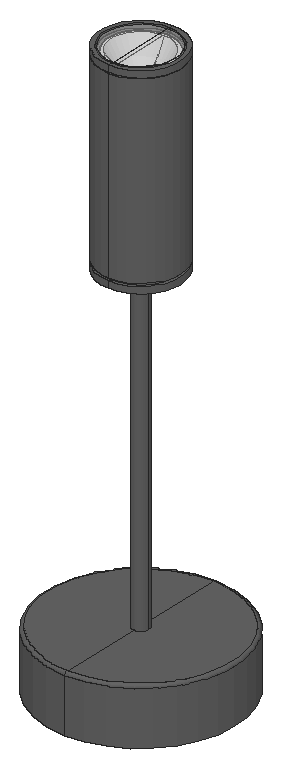
Revit family "AFX-Beverly-Outdoor_Pendant", category Lighting Fixtures, host Face, Revit 2021
Family settings
  Host = Face
  Round Connector Dimension = Use Diameter
  Part Type = Normal
  Cut with Voids When Loaded = No
  Light Source = Yes
  Shared = No
  Room Calculation Point = No
Parameters (values of type "BVYP06LAJUDBK")
  Wattage Comments = "9"
  Wattage = 9.2903 W
  built-in parameter 1150110 = 1 (stored number, unit not read)
  Voltage = 120 V
  URL = "https://www.afxinc.com/"
  Type Comments = "Beverly"  # constant formula
  built-in parameter 1114217 = 1 (stored number, unit not read)
  Tilt Angle = -90.00°
  built-in parameter 1150109 = 1 (stored number, unit not read)
  built-in parameter 1150134 = 3
  built-in parameter 1150113 = 1 (stored number, unit not read)
  Revit Model Built By = ""
  Product Documentation Link = "https://www.afxinc.com/products/productDetail.cfm?productID=2485"
  Power Factor = 1
  Photometric Web File = "BVYP06LAJUDSN_3000K_IES.IES"
  built-in parameter 1150142 = "IESNA:LM-63-2002\r\n[TEST] \r\n[TESTLAB] LCTECH 240119103001\r\n[TESTDATE] 2024/1/23\r\n[ISSUEDATE] 2024/1/23\r\n[MANUFAC] AFX\r\n[LUMCAT] BVYP06LAJUD**\r\n[LUMINAIRE] LEDµÆ¾ß\r\n[LAMPCAT] \r\n[LAMP] \r\n[LumELE] 120 0.084 9.92 0.983\r\nTILT=NONE\r\n1 685.8 1 37 7 1 2 -0.05 -0.05 0\r\n1 1 9.92\r\n0.00 5.00 10.00 15.00 20.00 25.00 30.00 35.00 40.00 45.00 50.00 55.00 60.00 65.00 70.00 75.00 80.00 85.00 90.00 95.00 100.00 105.00 110.00 115.00 120.00 125.00 130.00 135.00 140.00 145.00 150.00 155.00 160.00 165.00 170.00 175.00 180.00\r\n0.00 15.00 30.00 45.00 60.00 75.00 90.00\r\n995.506 930.798 792.785 648.436 542.551 447.073 351.142 243.899 123.533 42.535 18.553 14.028 10.86 6.335 4.978 3.62 1.81 0.453 0.00 0.00 0.00 0.00 0.00 0.00 0.00 0.00 0.00 0.00 0.00 0.453 0.905 1.358 2.263 2.263 3.168 2.715 1.346\r\n995.506 930.973 791.757 650.06 539.502 447.439 349.508 243.005 144.446 40.62 18.276 13.312 9.251 6.543 4.964 3.61 2.256 0.451 0.00 0.00 0.00 0.00 0.00 0.00 0.00 0.00 0.00 0.00 0.00 0.451 0.903 1.579 2.256 2.708 3.159 3.159 1.346\r\n995.506 929.358 788.49 650.233 562.077 450.805 351.428 245.019 124.452 40.676 18.516 13.32 9.482 6.32 4.969 3.838 1.807 0.452 0.00 0.00 0.00 0.00 0.00 0.00 0.00 0.00 0.00 0.00 0.00 0.452 0.903 1.579 2.259 2.486 3.162 3.162 1.346\r\n995.506 921.858 784.918 643.676 539.609 449.861 348.697 239.935 122.654 38.061 18.349 13.204 8.953 6.042 4.699 3.804 2.013 0.448 0.00 0.00 0.00 0.00 0.00 0.00 0.00 0.00 0.00 0.00 0.00 0.448 0.895 1.343 2.238 2.911 3.133 3.133 1.346\r\n995.506 923.388 781.476 646.299 524.777 449.476 350.174 238.78 121.11 35.542 18.199 13.034 8.764 6.29 4.942 3.817 2.019 0.449 0.00 0.00 0.00 0.00 0.00 0.00 0.00 0.00 0.00 0.00 0.00 0.449 0.899 1.57 2.246 2.474 3.145 2.918 1.346\r\n995.506 925.482 779.788 645.842 542.261 445.224 345.999 235.281 115.844 35.118 17.959 13.474 9.432 6.516 5.169 3.814 2.018 0.449 0.00 0.00 0.00 0.00 0.00 0.00 0.00 0.00 0.00 0.00 0.00 0.449 0.898 1.568 2.246 2.916 3.144 3.144 1.346\r\n995.506 919.942 775.405 636.14 532.899 442.838 344.869 236.356 110.27 27.677 17.573 13.18 9.665 6.59 5.272 3.954 2.197 0.439 0.00 0.00 0.00 0.00 0.00 0.00 0.00 0.00 0.00 0.00 0.00 0.439 0.879 1.757 2.197 3.075 3.075 3.075 1.346\r\n"
  Model = "BVYP06LAJUDBK"
  Manufacturer = "AFX Inc"  # constant formula
  built-in parameter 1150105 = 109.82 (stored number, unit not read)
  Lumens = 1380 lm
  built-in parameter 1150115 = 1 (stored number, unit not read)
  built-in parameter 1150137 = (empty or 0)
  built-in parameter 1150139 = (empty or 0)
  built-in parameter 1150112 = 1 (stored number, unit not read)
  built-in parameter 1150114 = 1 (stored number, unit not read)
  Lamp = "LED"
  Keynote = "12500"
  built-in parameter 1150132 = (empty or 0)
  built-in parameter 1150102 = (empty or 0)
  built-in parameter 1150107 = 3200 (stored number, unit not read)
  built-in parameter 1150138 = (empty or 0)
  built-in parameter 1150106 = 1.0982 (stored number, unit not read)
  Height = 8"
  Hardware Finish = AFX - Aluminum
  Frame Finish = AFX - Black Steel
  Emit from Circle Diameter = 2"
  Emit Shape Visible in Rendering = no
  built-in parameter 1150104 = 13.8 (stored number, unit not read)
  Dimming Lamp Color Temperature Shift = <None>
  Diffuser Finish = AFX - Glass
  Diameter = 6 1/4"
  Description = "LED Outdoor Pendant - 2 1/2\"Dia x 6 1/4\"H"
  Default Elevation = 48"
  Colour Rendering Index = "90"
  Color Filter = 16777215
  Canopy Finish = AFX - Black Steel
  built-in parameter 1114218 = 1 (stored number, unit not read)
  built-in parameter 1150133 = 10 (stored number, unit not read)
  Assembly Code = "D5020200"
  Apparent Load = 0 VA
  Adjustable Ceiling Distance [instance] = 10"
Reference planes (in)
  plane 1 "Center (Front/Back)": y = 0
  plane 2: z = 0
  plane 3 "Center (Left/Right)": x = 0
  plane 4: x = -2.95276
  plane 5: x = 2.95276
  plane 6: y = 2.95276
  plane 7: y = -2.95276
  plane 8: z = 1.77165
  plane 9: z = 18.02165
  plane 10: z = 17.08415
  plane 11: z = 11.77165
Forms (in)
  Revolve 1, solid, material "AFX - Black Steel" <- "Canopy Finish"
    sketch origin (0, 0, 0) x (0, 1, 0) y (0, 0, 1)
      loop
        line (-2.95276, 0) -> (0, 0) -> (0, 1.77165) -> (-2.85901, 1.77165)
        arc (-2.85901, 1.77165) -> (-2.9253, 1.74419) -> (-2.95276, 1.6779) r 0.09375
        line (-2.95276, 1.6779) -> (-2.95276, 0)
      axis (0, 1.77165) -> (0, 0)
    angle from 0 to 360
  Revolve 2, solid, material "AFX - Black Steel" <- "Frame Finish"
    sketch origin (0, 0, 6.25) x (0, 1, 0) y (0, 0, 1)
      loop
        line (1.00394, 11.64567) -> (1.00394, 5.72638) -> (0, 5.72638) -> (0, 5.52165) -> (1.25, 5.52165) -> (1.25, 5.72638) -> (1.15204, 5.72638) -> (1.15204, 5.80512) -> (1.24016, 5.80512) -> (1.24016, 11.52414) -> (1.15101, 11.52414) -> (1.15101, 11.56693) -> (1.25, 11.56693) -> (1.25, 11.77165) -> (1.12163, 11.77165) -> (1.12163, 11.64567) -> (1.00394, 11.64567)
      axis (0, 11.77165) -> (0, 5.52165)
    angle from 0 to 360
  Revolve 3, solid, material "AFX - Aluminum" <- "Hardware Finish"
    sketch origin (0, 0, 6.21509) x (0, 1, 0) y (0, 0, 1)
      loop
        line (1.00394, 11.68058) -> (0.9118, 11.68058)
        arc (0.9118, 11.68058) -> (0.62586, 11.15859) -> (0.23964, 10.70574) r 2.90812
        line (0.23964, 10.70574) -> (0, 10.70574) -> (0, 10.66929) -> (0.27444, 10.66929)
        arc (0.27444, 10.66929) -> (0.65961, 11.11472) -> (0.94574, 11.6294) r 2.86936
        line (0.94574, 11.6294) -> (1.00394, 11.6294) -> (1.00394, 11.68058)
      axis (0, 11.68058) -> (0, 10.66929)
    angle from 0 to 360
  Revolve 4, solid, material "AFX - Glass" <- "Diffuser Finish"
    sketch origin (0, 0, 6.25) x (0, 1, 0) y (0, 0, 1)
      loop
        line (1.07283, 11.76378) -> (0, 11.76378) -> (0, 11.64567) -> (1.07283, 11.64567) -> (1.07283, 11.76378)
      axis (0, 11.76378) -> (0, 11.64567)
    angle from 0 to 360
  Extrusion 5, solid, material "AFX - Black Steel" <- "Canopy Finish"
    sketch origin (0, 0, 0) x (1, 0, 0) y (0, 1, 0)
      loop
        circle (0, 0) r 0.25
    from 1.77165 to 11.77165
Lines and regions (in)
  symbolic lines
    curve 1: circle (0, 0, 0) r 2.95276 normal (0, 0, 1)
  symbolic lines, style "LightingFixturesHiddenLines", detail levels medium+fine
    curve 2: circle (0, 0, 0) r 1.25 normal (0, 0, 1)
    curve 3: circle (0, 0, 0) r 0.25 normal (0, 0, 1)
Dimensions and locks (in)
  locked: plane 9 to plane 11 at 6.25
  locked: plane 9 to plane 10 at 0.9375
  Revolve 2 sketch curve to Revolve 2 sketch curve to Revolve 2 sketch curve to plane 9 = 0.04279" locked, 0.07874" locked, 0.12598" locked
  plane 11 to Revolve 2 sketch curve to Revolve 2 sketch curve to Revolve 2 sketch curve = 0.20472" locked, 0" locked, 0.07874" locked
  plane 9 to Revolve 4 sketch curve to Revolve 4 sketch curve = 0.00787" locked, 0.11811" locked
  Revolve 3 sketch curve to Revolve 3 sketch curve to Revolve 3 sketch curve to Revolve 3 sketch curve to plane 9 to Revolve 3 sketch curve to Revolve 3 sketch curve = 0.03645" locked, 0.92365" locked, 0.05118" locked, 0.12598" locked, 0.95235" locked, 0.05048" locked
  locked: plane 8 to plane 2 at 1.77165
  "Adjustable Ceiling Distance": plane 11 to plane 8
  aligned and locked: plane 2 to host face
  aligned and locked: level to host face
  aligned and locked: imposter light to plane 1 "Center (Front/Back)"
  aligned and locked: plane 9 to Revolve 2 sketch curve
  aligned and locked: Revolve 2 sketch curve to plane 11
  aligned and locked: plane 3 "Center (Left/Right)" to Extrusion 5 sketch curve
  aligned and locked: plane 1 "Center (Front/Back)" to Extrusion 5 sketch curve
  aligned and locked: plane 11 to Extrusion 5
  aligned and locked: Extrusion 5 to plane 8
  aligned and locked: imposter light to plane 10
Automatic sketch dimensions
  host sketch curve to host sketch curve = 96"  (x2)
  Revolve 1 sketch curve to level = 0"
  Revolve 1 sketch curve to plane 7 = 0"
  Revolve 1 sketch curve to plane 8 = 0"
  Revolve 1 sketch curve to plane 1 "Center (Front/Back)" = 0"  (x2)
  plane 7 to Revolve 1 sketch curve = 3/32"
  Revolve 1 sketch curve to Revolve 1 sketch curve = 2"
  plane 8 to Revolve 1 sketch curve = 1.97835"
  Revolve 2 sketch curve to plane 1 "Center (Front/Back)" = 0"  (x2)
  Revolve 2 sketch curve to plane 1 "Center (Front/Back)" = 1.00394"
  Revolve 2 sketch curve to Revolve 2 sketch curve = 0.1177"
  Revolve 2 sketch curve to Revolve 2 sketch curve = 0.02938"
  Revolve 2 sketch curve to Revolve 2 sketch curve = 0.1481"
  Revolve 2 sketch curve to Revolve 2 sketch curve = 0.08915"
  Revolve 2 sketch curve to Revolve 2 sketch curve = 0.09796"
  Revolve 2 sketch curve to Revolve 2 sketch curve = 0.00984"
  plane 8 to Revolve 2 sketch curve = 2.47835"
  plane 9 to Revolve 2 sketch curve = 1 1/4"
  Revolve 3 sketch curve to plane 1 "Center (Front/Back)" = 0"  (x2)
  plane 7 to Revolve 3 sketch curve = 1.2608"
  Revolve 3 sketch curve to Revolve 3 sketch curve = 0.07635"
  Revolve 3 sketch curve to Revolve 3 sketch curve = 0.23964"
  Revolve 3 sketch curve to Revolve 3 sketch curve = 0.0348"
  Revolve 3 sketch curve to Revolve 3 sketch curve = 0.0582"
  Revolve 3 sketch curve to Revolve 3 sketch curve = 0.71053"
  plane 9 to Revolve 3 sketch curve = 0.65219"
  Revolve 4 sketch curve to plane 1 "Center (Front/Back)" = 0"  (x2)
  Revolve 4 sketch curve to plane 1 "Center (Front/Back)" = 1.07283"
  Revolve 4 sketch curve to plane 10 = 0.86133"
  plane 9 to Revolve 4 sketch curve = 0.95117"
  curve 1 to curve 2 = 0"  (x2)
  curve 1 to curve 3 = 0"  (x2)
  curve 2 to curve 3 = 0"  (x2)
  plane 1 "Center (Front/Back)" to curve 2 = 0"
  curve 2 to plane 3 "Center (Left/Right)" = 0"
  radius of Extrusion 5 sketch curve = 1/4"
  radius of curve 1 = 2.95276"
  radius of curve 2 = 1 1/4"
  radius of curve 3 = 1/4"
Connectors (in)
  electrical at (0, 0, 0), driven by "Voltage", driven by "Apparent Load", driven by "Power Factor"
    settings: on Revolve 1, index 1, voltage 120 V, apparent load 0 VA, apparent load phase1 0 VA, apparent load phase2 0 VA, apparent load phase3 0 VA, power factor 1, load classification "Lighting", number of poles 1, system type 31, power factor state 1, is connector primary yes, connector utility no, sub classification motor no, connector description ""
